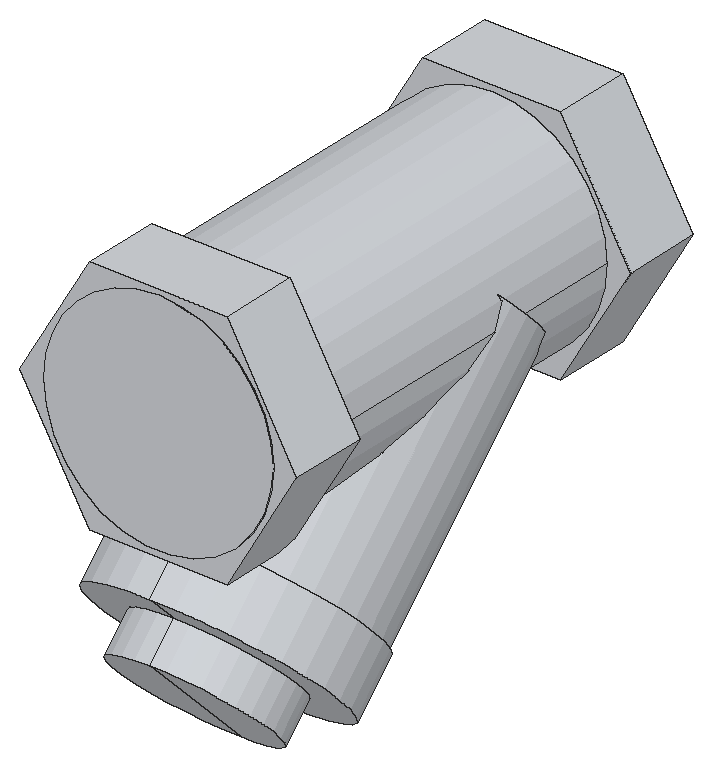
Revit family "RUSHWORK_ 6460", category Арматура трубопроводов, Revit 2021
Family settings
  Размер круглого соединителя = Использовать диаметр
  Тип детали = Вставляется
  На основе рабочей плоскости = Нет
  Всегда вертикально = Нет
  При загрузке вырезать с полостями = Нет
  Общий = Нет
Parameters (values of type "Фильтр сетчатый РАШВОРК 6460-050-40, DN050 PN40, корпус - CF8М, сетка - AISI316, ячейка - 1 мм, ВР/ВР")
  built-in parameter 1114242 [instance] = 1
  L2 = 29 mm
  L1 = 22 mm
  L = 140 mm
  Отметка по умолчанию = 0 mm
  Корпус = нерж. сталь CF8M
  Изготовитель = "ООО TД \"РАШВОРК\""
  URL = "https://rwru.ru/"
  H5 = 12 mm
  H4 = 29 mm
  H3 = 66 mm
  H = 92 mm
  DN = 50 mm
  D3 = 67 mm
  D2 = 65 mm
  D1 = 68 mm
  ADSK_Примечание = ""
  ADSK_Наименование краткое = ""
  ADSK_Наименование = "Фильтр сетчатый РАШВОРК 6460-050-40, DN050 PN40, корпус - CF8М, сетка - AISI316, ячейка - 1 мм, ВР/ВР"
  ADSK_Масса = 1.57
  ADSK_Код изделия = "6460-050-40"
  ADSK_Завод-изготовитель = "ООО TД \"РАШВОРК\""
  ADSK_Единица измерения = "шт"
Types (9, lengths in mm): name | L2 | L1 | L | H5 | H4 | H3 | H | DN | D3 | D2 | D1 | ADSK_Наименование | ADSK_Масса | ADSK_Код изделия
  (no name) | 29 | 22 | 140 | 12 | 29 | 66 | 92 | 50 | 67 | 65 | 68 | "Фильтр сетчатый РАШВОРК 6460-050-40, DN050 PN40, корпус - CF8М, сетка - AISI316, ячейка - 1 мм, ВР/ВР" | 1.57 | "6460-050-40"
  Фильтр сетчатый РАШВОРК 6460-008-40, DN008 PN40, корпус - CF8М, сетка - AISI316, ячейка - 1 мм, ВР/ВР | 16 | 10 | 64 | 7 | 21 | 25 | 43 | 10 | 27 | 24 | 26 | "Фильтр сетчатый РАШВОРК 6460-008-40, DN008 PN40, корпус - CF8М, сетка - AISI316, ячейка - 1 мм, ВР/ВР" | 0.2 | "6460-008-40"
  Фильтр сетчатый РАШВОРК 6460-010-40, DN010 PN40, корпус - CF8М, сетка - AISI316, ячейка - 1 мм, ВР/ВР | 16 | 10 | 64 | 7 | 21 | 25 | 43 | 12 | 24 | 24 | 26 | "Фильтр сетчатый РАШВОРК 6460-010-40, DN010 PN40, корпус - CF8М, сетка - AISI316, ячейка - 1 мм, ВР/ВР" | 0.2 | "6460-010-40"
  Фильтр сетчатый РАШВОРК 6460-020-40, DN020 PN40, корпус - CF8М, сетка - AISI316, ячейка - 1 мм, ВР/ВР | 15 | 16 | 80 | 7 | 21 | 32 | 50 | 20 | 29 | 29 | 32 | "Фильтр сетчатый РАШВОРК 6460-020-40, DN020 PN40, корпус - CF8М, сетка - AISI316, ячейка - 1 мм, ВР/ВР" | 0.33 | "6460-020-40"
  Фильтр сетчатый РАШВОРК 6460-015-40, DN015 PN40, корпус - CF8М, сетка - AISI316, ячейка - 1 мм, ВР/ВР | 16 | 10 | 64 | 7 | 21 | 25 | 43 | 15 | 24 | 24 | 26 | "Фильтр сетчатый РАШВОРК 6460-015-40, DN015 PN40, корпус - CF8М, сетка - AISI316, ячейка - 1 мм, ВР/ВР" | 0.2 | "6460-015-40"
  Фильтр сетчатый РАШВОРК 6460-025-40, DN025 PN40, корпус - CF8М, сетка - AISI316, ячейка - 1 мм, ВР/ВР | 16 | 16 | 90 | 9 | 25 | 43 | 65 | 25 | 45 | 34 | 40 | "Фильтр сетчатый РАШВОРК 6460-025-40, DN025 PN40, корпус - CF8М, сетка - AISI316, ячейка - 1 мм, ВР/ВР" | 0.58 | "6460-025-40"
  Фильтр сетчатый РАШВОРК 6460-032-40, DN032 PN40, корпус - CF8М, сетка - AISI316, ячейка - 1 мм, ВР/ВР | 16 | 20 | 106 | 10 | 25 | 47 | 69 | 32 | 47 | 45 | 48 | "Фильтр сетчатый РАШВОРК 6460-032-40, DN032 PN40, корпус - CF8М, сетка - AISI316, ячейка - 1 мм, ВР/ВР" | 0.75 | "6460-032-40"
  Фильтр сетчатый РАШВОРК 6460-040-40, DN040 PN40, корпус - CF8М, сетка - AISI316, ячейка - 1 мм, ВР/ВР | 16 | 22 | 119 | 11 | 27 | 53 | 79 | 40 | 55 | 51 | 55 | "Фильтр сетчатый РАШВОРК 6460-040-40, DN040 PN40, корпус - CF8М, сетка - AISI316, ячейка - 1 мм, ВР/ВР" | 1.05 | "6460-040-40"
  Фильтр сетчатый РАШВОРК 6460-050-40, DN050 PN40, корпус - CF8М, сетка - AISI316, ячейка - 1 мм, ВР/ВР | 29 | 22 | 140 | 12 | 29 | 66 | 92 | 50 | 67 | 65 | 68 | "Фильтр сетчатый РАШВОРК 6460-050-40, DN050 PN40, корпус - CF8М, сетка - AISI316, ячейка - 1 мм, ВР/ВР" | 1.57 | "6460-050-40"
Reference planes
  plane 1 "По центру (Вперед/Назад)": y = 0
  plane 2: z = 0
  plane 3 "По центру (Влево/Вправо)": x = 0
  plane 4: y = 70
  plane 5: y = -70
  plane 6: y = 48
  plane 7: y = -48
  plane 8: y = 48
  plane 9: y = 25
  plane 10: y = 19
  plane 11: through (0, 10, -9) normal (0, -0.7071, 0.7071)
  plane 12: z = -92
  plane 13: through (0, 1, 0) normal (0, 0.7071, 0.7071)
  plane 14: through (0, 19.05, -111.388) normal (0, 0.7071, 0.7071)
  plane 15: through (0, -1.456, -131.894) normal (0, 0.7071, 0.7071)
  plane 16: y = 6.018
  plane 17: through (0, 7.029, -123.409) normal (0, 0.7071, 0.7071)
  plane 18: through (0, -35, -21.983) normal (0, -0.7071, 0.7071)
  plane 19: through (0, -13.983, -43) normal (0, -0.7071, 0.7071)
Forms (mm)
  Extrusion 1, solid, detail levels medium+fine
    sketch origin (0, 0, 0) x (1, 0, 0) y (0, 0, 1)
      loop
        circle (0, 0) r 32.5
    from -70 to 70
  Extrusion 2, solid, detail levels medium+fine
    sketch origin (0, 0, 0) x (1, 0, 0) y (0, 0, 1)
      loop
        line (-39.26, 0) -> (-19.63, -34) -> (19.63, -34) -> (39.26, 0) -> (19.63, 34) -> (-19.63, 34) -> (-39.26, 0)
    from 48 to 70
  Extrusion 3, solid, detail levels medium+fine
    sketch origin (0, 0, 0) x (1, 0, 0) y (0, 0, 1)
      loop
        line (-39.26, 0) -> (-19.63, -34) -> (19.63, -34) -> (39.26, 0) -> (19.63, 34) -> (-19.63, 34) -> (-39.26, 0)
    from -70 to -48
  Sweep 4, solid, detail levels medium+fine
    path origin (0, 0, 0) x (0, 1, 0) y (0, 0, 1)
      loop
        line (19, 0) -> (-36.669, -55.669)
    profile origin (0, -8.835, -27.835) x (0, 0.707107, -0.707107) y (1, 0, 0)
      loop
        circle (0, 0) r 33.5
  Revolve 5, solid, detail levels medium+fine
    sketch origin (0, 0, 0) x (0, 1, 0) y (0, 0, 1)
      loop
        line (-24.38, -92) -> (-12.359, -79.979) -> (-36.669, -55.669) -> (-48.69, -67.69) -> (-24.38, -92)
      axis (-48.69, -67.69) -> (-36.669, -55.669)
    angle from 0 to 360
  Revolve 6, solid, detail levels medium+fine
    sketch origin (0, 0, 0) x (0, 1, 0) y (0, 0, 1)
      loop
        line (-41.35, -92) -> (-32.865, -83.515) -> (-48.69, -67.69) -> (-57.175, -76.175) -> (-41.35, -92)
      axis (-57.175, -76.175) -> (-48.69, -67.69)
    angle from 0 to 360
Dimensions and locks
  equal spacing: plane 4, plane 1 "По центру (Вперед/Назад)", plane 5
  "L": plane 4 to plane 5
  "L1": plane 7 to plane 5
  "L1": plane 4 to plane 6
  equal spacing: Extrusion 2 sketch curve, plane 3 "По центру (Влево/Вправо)", Extrusion 2 sketch curve  (x2)
  "D1": Extrusion 2 sketch curve to Extrusion 2 sketch curve  (x3)
  equal spacing: Extrusion 2 sketch curve, level, Extrusion 2 sketch curve
  equal spacing: Extrusion 3 sketch curve, plane 3 "По центру (Влево/Вправо)", Extrusion 3 sketch curve  (x2)
  "D1": Extrusion 3 sketch curve to Extrusion 3 sketch curve  (x3)
  equal spacing: Extrusion 3 sketch curve, level, Extrusion 3 sketch curve
  "L2": plane 8 to plane 10
  "H": level to plane 12
  "H3": plane 13 to plane 14
  "H4": plane 14 to plane 15
  "H5": plane 17 to plane 15
  "D2": diameter of Extrusion 1 sketch curve
  "D3": diameter of Sweep 4 sketch curve
  angle Extrusion 2 sketch curve to Extrusion 2 sketch curve = 120.00°  (x6)
  angle Extrusion 3 sketch curve to Extrusion 3 sketch curve = 120.00°  (x6)
  locked: level to plane 11 (angle 135.00°)
  aligned and locked: level to plane 2
  aligned and locked: Extrusion 1 to plane 4
  aligned and locked: plane 5 to Extrusion 1
  aligned and locked: plane 5 to Extrusion 2
  aligned and locked: Extrusion 2 to plane 7
  aligned and locked: Extrusion 3 to plane 4
  aligned and locked: Extrusion 3 to plane 6
  aligned and locked: plane 10 to Sweep 4 sketch curve
  aligned and locked: plane 14 to Sweep 4 sketch curve
  aligned and locked: profile plane to plane 3 "По центру (Влево/Вправо)"
  aligned and locked: Sweep 4 to Revolve 5
  aligned and locked: plane 17 to Revolve 6 sketch curve
  aligned and locked: plane 15 to Revolve 6 sketch curve  (x2)
  aligned and locked: Revolve 6 sketch curve to plane 11
  aligned and locked: Revolve 6 sketch curve to plane 17
  aligned and locked: plane 8 to plane 6
  aligned and locked: plane 1 "По центру (Вперед/Назад)" to nested 1
Automatic sketch dimensions
  Revolve 5 sketch curve to plane 11 = 0 mm  (x4)
  Revolve 5 sketch curve to plane 17 = 0 mm
  Revolve 5 sketch curve to plane 14 = 0 mm
  Revolve 5 sketch curve to plane 12 = 0 mm
  plane 12 to Revolve 5 sketch curve = 2.695 mm
  plane 1 "По центру (Вперед/Назад)" to Revolve 5 sketch curve = 7.485 mm
  Revolve 6 sketch curve to plane 11 = 0 mm  (x2)
  Revolve 6 sketch curve to plane 12 = 0 mm
  Revolve 6 sketch curve to plane 12 = 1.512 mm
  plane 1 "По центру (Вперед/Назад)" to Revolve 6 sketch curve = 7.026 mm
  Sweep 4 sketch curve to plane 11 = 0 mm
  Sweep 4 sketch curve to level = 0 mm
  Extrusion 1 sketch curve to level = 0 mm
  Extrusion 1 sketch curve to plane 3 "По центру (Влево/Вправо)" = 0 mm
  Sweep 4 sketch curve to plane 3 "По центру (Влево/Вправо)" = 0 mm
  Sweep 4 sketch curve to profile plane = 0 mm
Nested families
  nested 1: "DAA_УГО_Фильтр_ГОСТ21.205-2016" at (0, 0, 0) x (0, -1, 0) z (0, 0, 1), type "DAA_УГО_Фильтр_ГОСТ21.205-2016", detail levels coarse
    with built-in parameter 1114242 1
Connectors
  piping at (0, -70, 0), diameter 50, driven by "DN"
    settings: on Extrusion 1, index 1, connector inside diameter 609.6 mm, connector length 0 mm, flow factor 0, pipe flow 0.0 L/s, pressure drop 0.0 Pa, fitting loss kfactor 0, connector angle 0.00°, fixture units 0, engagement length 0 mm, angle of deflection 0.00°, flow configuration 0, flow direction 0, fitting loss method 0, system type 7, joint type 0, gender type 0, connector reference index 2, connector utility 0, adjustable connector no, is connector primary yes, connector description ""
  piping at (0, 70, 0), diameter 50, driven by "DN"
    settings: on Extrusion 1, index 2, connector inside diameter 609.6 mm, connector length 0 mm, flow factor 0, pipe flow 0.0 L/s, pressure drop 0.0 Pa, fitting loss kfactor 0, connector angle 0.00°, fixture units 0, engagement length 0 mm, angle of deflection 0.00°, flow configuration 0, flow direction 0, fitting loss method 0, system type 7, joint type 0, gender type 0, connector reference index 1, connector utility 0, adjustable connector no, is connector primary no, connector description ""
Definition of nested family "DAA_УГО_Фильтр_ГОСТ21.205-2016"
  Parameters (values of type "DAA_УГО_Фильтр_ГОСТ21.205-2016")
    Default Elevation = 0 mm
    Масштаб_УГО = 50 mm
    built-in parameter 1114242 [instance] = 1
    a/2 = a / 2  # 75 mm
    a = 3 * Масштаб_УГО  # 150 mm
  Reference planes
    plane 1 "По центру (Вперед/Назад)": y = 0
    plane 2: z = 0
    plane 3 "По центру (Влево/Вправо)": x = 0
    plane 4: x = -150
    plane 5: x = 150
    plane 6: z = 150
    plane 7: z = -150
  Forms (mm)
    Extrusion 1, solid, detail levels coarse
      sketch origin (0, 0, 0) x (1, 0, 0) y (0, 0, 1)
        loop
          line (-150, 0) -> (0, -150) -> (150, 0) -> (0, 150) -> (-150, 0)
      from -3 to 3
  Lines and regions (mm)
    reference lines
      curve 1: line (0, 0, -150) -> (-150, 0, 0)
      curve 2: line (-150, 0, 0) -> (0, 0, 150)
      curve 3: line (0, 0, 150) -> (150, 0, 0)
      curve 4: line (150, 0, 0) -> (0, 0, -150)
    model lines, detail levels coarse
      curve 5: line (0, 3, -150) -> (0, 3, 150)
      curve 6: line (0, -3, -150) -> (0, -3, 150)
  Dimensions and locks
    "a": plane 6 to level to plane 7
    "a": plane 4 to plane 3 "По центру (Влево/Вправо)" to plane 5
    aligned and locked: level to plane 2
    aligned and locked: Extrusion 1 sketch curve to curve 2
    aligned and locked: Extrusion 1 sketch curve to curve 3
    aligned and locked: Extrusion 1 sketch curve to curve 4
    aligned and locked: Extrusion 1 sketch curve to curve 1
  Automatic sketch dimensions
    curve 1 to level = 0 mm
    plane 4 to curve 1 = 0 mm
    curve 1 to plane 3 "По центру (Влево/Вправо)" = 0 mm
    curve 2 to plane 3 "По центру (Влево/Вправо)" = 0 mm
    curve 1 to plane 7 = 0 mm
    curve 5 to plane 3 "По центру (Влево/Вправо)" = 0 mm
    curve 5 to plane 7 = 0 mm
    curve 5 to plane 6 = 0 mm
    curve 6 to plane 3 "По центру (Влево/Вправо)" = 0 mm
    curve 6 to plane 7 = 0 mm
    curve 6 to plane 6 = 0 mm
